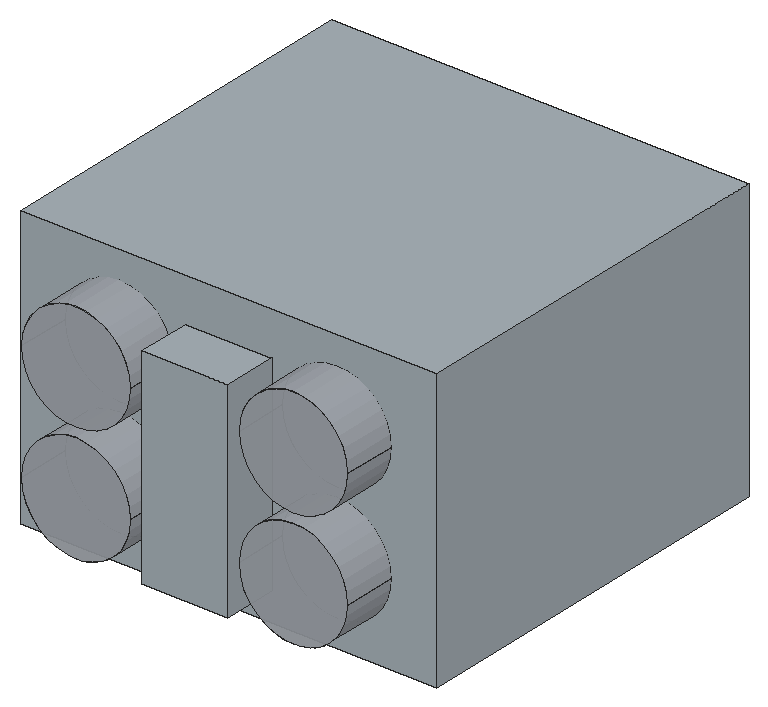
Revit family "RHRV-V150P", category Mechanical Equipment, Revit 2016
Family settings
  Part Type = Normal
  Round Connector Dimension = Use Diameter
  OmniClass Number = 23.75.70.21.24.11
  OmniClass Title = Constant Volume Air Terminal Units
  Work Plane-Based = Yes
  Always vertical = Yes
  Cut with Voids When Loaded = No
  Shared = No
  Room Calculation Point = No
Parameters (values of type "RHRV-V150P")
  Width 02 [instance] = 7.75"
  Frequency [instance] = 60 Hz
  Watt [instance] = 7 W
  Volts_AC [instance] = 120 VA
  Default Elevation = 72.00"
  CFM = "35 - 140 CFM"
  Width [instance] = 23.00"
  VCC [instance] = 6.00"
  URL = "http://www.reversomatic.com/wp-content/uploads/2016/12/RERV-D100.pdf"
  OCC [instance] = 4.50"
  Model = "RHRV-V150P"
  Manufacturer = "REVERSOMATIC"
  Length [instance] = 21.50"
  Height [instance] = 15.50"
  Description = "AUTOMATIC ELECTRONIC AIR-BALANCING AND CONSTANT FLOW TECHNOLOGY NO FIELD BALANCING NECESSARY"
  Collar Diameter [instance] = 6.00"
  Collar Depth [instance] = 3.00"
  Amps [instance] = 0.7 A
Reference planes (in)
  plane 1 "Center (Front/Back)": y = 0
  plane 2: z = 0
  plane 3 "Center (Left/Right)": x = 0
  plane 4 "Left": x = -11.5
  plane 5 "Right": x = 11.5
  plane 6 "Back": y = 10.75
  plane 7 "Front": y = -10.75
  plane 8 "Top": z = 15.5
  plane 9 "OCC": z = 4.5
  plane 10: y = -13.75
  plane 11: y = 13.75
Forms (in)
  Extrusion 1, solid, material "Default New Material"
    sketch origin (0, 0, 0) x (1, 0, 0) y (0, 1, 0)
      loop
        line (-11.5, 10.75) -> (-11.5, -10.75) -> (11.5, -10.75) -> (11.5, 10.75) -> (-11.5, 10.75)
    from 0 to 15.5
  Extrusion 2, solid, material "Default New Material"
    sketch origin (-10, 18.25, 0) x (1, 0, 0) y (0, 0, -1)
      loop
        line (12.36853, -13.09409) -> (12.36853, -1.55704) -> (7.63147, -1.55704) -> (7.63147, -13.09409) -> (12.36853, -13.09409)
    from -32 to -29
  Extrusion 3, solid, material "Default Light Source"
    sketch origin (11.5, -10.75, 0) x (-1, 0, 0) y (0, 0, -1)
      loop
        circle (17.5, -11) r 3
    from 0 to 3
  Extrusion 4, solid, material "Default Light Source"
    sketch origin (11.5, -10.75, 0) x (-1, 0, 0) y (0, 0, -1)
      loop
        circle (5.5, -11) r 3
    from 0 to 3
  Extrusion 5, solid, material "Default Light Source"
    sketch origin (-10, 18.25, 0) x (1, 0, 0) y (0, 0, -1)
      loop
        circle (16, -4.5) r 3
    from -29 to -32
  Extrusion 6, solid, material "Default Light Source"
    sketch origin (-10, 18.25, 0) x (1, 0, 0) y (0, 0, -1)
      loop
        circle (4, -4.5) r 3
    from -29 to -32
Lines and regions (in)
  model lines, not visible
    curve 1: line (-9.88226, 2.47827, 0.12972) -> (-9.88226, -5.27173, 0.12972)
    curve 2: line (-9.39339, 1.7977, 0.08881) -> (-9.39339, -4.7023, 0.08881)
    curve 3: line (-8.82749, 1.22023, 0.04145) -> (-8.82749, -4.02977, 0.04145)
    curve 4: line (-8.31817, 0.7005, -0.00117) -> (-8.31817, -3.5495, -0.00117)
  model lines
    curve 5: line (11.5, 10.75, 14.18608) -> (11.5, -10.75, 14.18608)
    curve 6: line (11.5, -10.75, 14.18608) -> (11.5, -10.75, 13.93608)
    curve 7: line (11.5, -10.75, 14.18608) -> (-11.5, -10.75, 14.18608)
    curve 8: line (-11.5, -10.75, 14.18608) -> (-11.5, 10.75, 14.18608)
    curve 9: line (11.5, 10.75, 14.18608) -> (-11.5, 10.75, 14.18608)
Dimensions and locks (in)
  equal spacing: plane 4 "Left", plane 3 "Center (Left/Right)", plane 5 "Right"
  "Width": plane 4 "Left" to plane 5 "Right"
  equal spacing: plane 6 "Back", plane 1 "Center (Front/Back)", plane 7 "Front"
  "Length": plane 6 "Back" to plane 7 "Front"
  "Height": plane 8 "Top" to level
  "Collar Depth": plane 7 "Front" to plane 10
  "OCC": plane 9 "OCC" to level
  equal spacing: Extrusion 2, plane 3 "Center (Left/Right)", Extrusion 2
  "VCC": plane 3 "Center (Left/Right)" to Extrusion 3 sketch curve
  "VCC": Extrusion 4 sketch curve to plane 3 "Center (Left/Right)"
  "VCC": Extrusion 5 sketch curve to plane 3 "Center (Left/Right)"
  "VCC": plane 3 "Center (Left/Right)" to Extrusion 6 sketch curve
  Extrusion 1 to Extrusion 1 = 21.50"
  Extrusion 1 to Extrusion 1 = 23.00"
  Extrusion 1 to Extrusion 1 = 15.50"
  Extrusion 4 to Extrusion 1 = 24.50"
  "Collar Diameter": diameter of Extrusion 3 sketch curve
  "Collar Diameter": diameter of Extrusion 4 sketch curve
  "Collar Diameter": diameter of Extrusion 5 sketch curve
  "Collar Diameter": diameter of Extrusion 6 sketch curve
  aligned and locked: plane 2 to level
  aligned and locked: Extrusion 1 to plane 4 "Left"
  aligned and locked: plane 5 "Right" to Extrusion 1
  aligned and locked: plane 8 "Top" to Extrusion 1
  aligned and locked: plane 6 "Back" to Extrusion 1
  aligned and locked: plane 10 to Extrusion 4
  aligned and locked: plane 10 to Extrusion 3
  aligned and locked: Extrusion 1 to plane 7 "Front"
  aligned and locked: plane 10 to Extrusion 2
  aligned and locked: plane 7 "Front" to Extrusion 2
Automatic sketch dimensions
  Extrusion 1 sketch curve to plane 4 "Left" = 0.00"
  Extrusion 1 sketch curve to plane 5 "Right" = 0.00"
  plane 7 "Front" to Extrusion 1 sketch curve = 0.00"
  Extrusion 1 sketch curve to plane 6 "Back" = 0.00"
  curve 5 to Extrusion 1 = 0.00"
  curve 6 to Extrusion 1 = 0.00"
  Extrusion 1 to curve 5 = 1.31392"
  curve 5 to curve 6 = 0.25"
  Extrusion 2 sketch curve to Extrusion 2 sketch curve = 4.73706"
  Extrusion 2 sketch curve to Extrusion 2 sketch curve = 11.53705"
  curve 7 to Extrusion 1 = 0.00"  (x2)
  Extrusion 1 to curve 7 = 1.31392"
  curve 8 to Extrusion 1 = 0.00"  (x2)
  Extrusion 1 to curve 8 = 1.31392"
  Extrusion 2 sketch curve to plane 3 "Center (Left/Right)" = 2.36853"
  Extrusion 2 sketch curve to plane 8 "Top" = 2.40591"
  curve 9 to plane 5 "Right" = 0.00"
  curve 9 to plane 4 "Left" = 0.00"
  curve 9 to plane 8 "Top" = 1.31392"
  Extrusion 1 to Extrusion 3 sketch curve = 4.50"
  Extrusion 1 to Extrusion 4 sketch curve = 4.50"
  Extrusion 5 sketch curve to plane 9 "OCC" = 0.00"
  Extrusion 6 sketch curve to plane 9 "OCC" = 0.00"
Connectors (in)
  piping at (-6, -13.75, 11), diameter 6, driven by "Collar Diameter"
    settings: on Extrusion 3, index 1, connector inside diameter 24", connector length 0.00", flow factor 0, pipe flow 0 GPM, pressure drop 0.00 psi, fitting loss kfactor 0, connector angle 0.00°, fixture units 0, engagement length 0.00", angle of deflection 0.00°, flow configuration 0, flow direction 1, fitting loss method 0, system type 17, joint type 0, gender type 0, connector reference index -1, connector utility 0, adjustable connector no, is connector primary yes, connector description ""
  piping at (6, -13.75, 11), diameter 6, driven by "Collar Diameter"
    settings: on Extrusion 4, index 2, connector inside diameter 24", connector length 0.00", flow factor 0, pipe flow 0 GPM, pressure drop 0.00 psi, fitting loss kfactor 0, connector angle 0.00°, fixture units 0, engagement length 0.00", angle of deflection 0.00°, flow configuration 0, flow direction 1, fitting loss method 0, system type 17, joint type 0, gender type 0, connector reference index -1, connector utility 0, adjustable connector no, is connector primary no, connector description ""
  piping at (-6, -13.75, 4.5), diameter 6, driven by "Collar Diameter"
    settings: on Extrusion 6, index 3, connector inside diameter 24", connector length 0.00", flow factor 0, pipe flow 0 GPM, pressure drop 0.00 psi, fitting loss kfactor 0, connector angle 0.00°, fixture units 0, engagement length 0.00", angle of deflection 0.00°, flow configuration 0, flow direction 2, fitting loss method 0, system type 17, joint type 0, gender type 0, connector reference index -1, connector utility 0, adjustable connector no, is connector primary no, connector description ""
  piping at (6, -13.75, 4.5), diameter 6, driven by "Collar Diameter"
    settings: on Extrusion 5, index 4, connector inside diameter 24", connector length 0.00", flow factor 0, pipe flow 0 GPM, pressure drop 0.00 psi, fitting loss kfactor 0, connector angle 0.00°, fixture units 0, engagement length 0.00", angle of deflection 0.00°, flow configuration 0, flow direction 2, fitting loss method 0, system type 17, joint type 0, gender type 0, connector reference index -1, connector utility 0, adjustable connector no, is connector primary no, connector description ""
